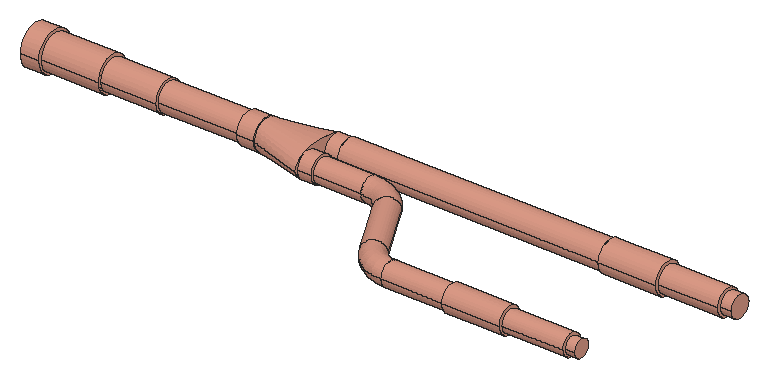
Revit family "outputfile", category 配管付属品, Revit 2024
Family settings
  丸型コネクタ寸法 = 半径を使用
  パーツ タイプ = 標準
  OmniClass 番号 = 23.65.55.00
  OmniClass タイトル = Distribution of Supplied Liquids/Gases
  作業面ベース = いいえ
  常に垂直 = はい
  ロード時にボイドで切り取り = いいえ
  共有 = いいえ
Parameters (values of type "BHRP25A72T")
  Description = ""
  製造元 = "Daikin"
  書き出し IFC クラス(タイプ) = "IfcPipeFittingType"
  定義済み IFC タイプ(タイプ) = "JUNCTION"
  Cost = 0
  Type Comments = ""
  Keynote = ""
  Type Image = (empty or 0)
  Assembly Code = ""
  mm⇔inch [instance] = yes
  Default Elevation = 0.0 mm
  モデル = "BHRP25A72T"
  table_StraightPipe [instance] = if(mm⇔inch, "Refnet Joint_BHRP25A-T_HPLPGas_StraightPipe", "Refnet Joint_BHRP25A-T_HPLPGas_StraightPipe_inch")  # "Refnet Joint_BHRP25A-T_HPLPGas_StraightPipe"
  table_BranchPipe [instance] = if(mm⇔inch, "Refnet Joint_BHRP25A-T_HPLPGas_BranchPipe", "Refnet Joint_BHRP25A-T_HPLPGas_BranchPipe_inch")  # "Refnet Joint_BHRP25A-T_HPLPGas_BranchPipe"
  table_Inlet [instance] = if(mm⇔inch, "Refnet Joint_BHRP25A-T_HPLPGas_Inlet", "Refnet Joint_BHRP25A-T_HPLPGas_Inlet_inch")  # "Refnet Joint_BHRP25A-T_HPLPGas_Inlet"
  switch_StraightPipe_Reducer [instance] = if(Is_StraightPipe Reducer = 1, 1 = 1, 1 = 0)  # no
  switch_StraightPipe3 [instance] = if(number_StraightPipe = 3, 1 = 1, 1 = 0)  # yes
  switch_StraightPipe2 [instance] = if(number_StraightPipe < 2, 1 = 0, 1 = 1)  # yes
  switch_BranchPipe_Reducer [instance] = if(Is_BranchPipe Reducer = 1, 1 = 1, 1 = 0)  # no
  switch_BranchPipe3 [instance] = if(number_BranchPipe = 3, 1 = 1, 1 = 0)  # yes
  switch_BranchPipe2 [instance] = if(number_BranchPipe < 2, 1 = 0, 1 = 1)  # yes
  switch_Inlet pipe_Reducer [instance] = if(Is_Inlet Reducer = 1, 1 = 1, 1 = 0)  # no
  switch_Inlet pipe3 [instance] = if(number_InletPipe = 3, 1 = 1, 1 = 0)  # yes
  switch_Inlet pipe2 [instance] = if(number_InletPipe < 2, 1 = 0, 1 = 1)  # yes
  Uniclass2015Version = "Products v1.31"
  Uniclass2015Title = "Copper pipe fittings"
  Uniclass2015Code = "Pr_65_52_63_18"
  URL = ""
  StraightPipe_HP/LP Gas_ActualDiameter [instance] = 12.7 mm
  Material_Piping = DAIKIN_Copper_Pipe
  Material_Insulation = DAIKIN_White_Insulation
  lw_Insulation [instance] = size_lookup(table_Inlet, "lw_Insulation", 60.0 mm, モデル)  # 66.0 mm
  Unit Type = "BHRP25A-T_HPLPGas"
  Tag No. [instance] = ""
  StraightPipe_HP/LP Gas_Status [instance] = size_lookup(table_StraightPipe, "Information", "The connected pipe size is not available.", モデル, [StraightPipe_HP/LP Gas_ActualDiameter])  # "Default connector size is used."
  Link_Nested Family [instance] = ""
  Inlet_HP/LP Gas_Actual Diameter [instance] = 25.4 mm
  IfcVersion = ""
  IfcExportType = "JUNCTION"
  IfcExportAs = "IfcPipeFittingType"
  BranchPipe_HP/LP Gas_Status [instance] = size_lookup(table_BranchPipe, "Information", "The connected pipe size is not available.", モデル, [BranchPipe_HP/LP Gas_ActualDiameter])  # "Default connector size is used."
  Inlet_HP/LP Gas_Status [instance] = size_lookup(table_Inlet, "Information", "The connected pipe size is not available.", モデル, [Inlet_HP/LP Gas_Actual Diameter])  # "Default connector size is used."
  Series = "Refnet Joint"
  O.R_dividePipe_Inlet [instance] = (I.D_InletPipe1 + 2.0 mm) / 2  # 10.55 mm
  r_StraightPipe_Connector [instance] = [StraightPipe_HP/LP Gas_ActualDiameter] / 2  # 6.35 mm
  r_BranchPipe_Connector [instance] = [BranchPipe_HP/LP Gas_ActualDiameter] / 2  # 4.75 mm
  r_Inlet_Connector [instance] = [Inlet_HP/LP Gas_Actual Diameter] / 2  # 12.7 mm
  number_StraightPipe [instance] = size_lookup(table_StraightPipe, "pipeNumber", 3, モデル, [StraightPipe_HP/LP Gas_ActualDiameter])  # 3
  number_BranchPipe [instance] = size_lookup(table_BranchPipe, "pipeNumber", 2, モデル, [BranchPipe_HP/LP Gas_ActualDiameter])  # 3
  number_InletPipe [instance] = size_lookup(table_Inlet, "pipeNumber", 2, モデル, [Inlet_HP/LP Gas_Actual Diameter])  # 3
  r_BranchPipeR [instance] = size_lookup(table_BranchPipe, "r_offsetPipeR", 20.0 mm, モデル, [BranchPipe_HP/LP Gas_ActualDiameter])  # 25.0 mm
  l_BranchPipe_Straight2 [instance] = size_lookup(table_BranchPipe, "L_offsetPipe2", 40.0 mm, モデル)  # 43.0 mm
  l_BranchPipe_Straight1 [instance] = size_lookup(table_BranchPipe, "L_offsetPipe1", 5.5 mm, モデル)  # 33.7 mm
  l_BranchPipe connector [instance] = size_lookup(table_BranchPipe, "Length", 165.0 mm, モデル, [BranchPipe_HP/LP Gas_ActualDiameter])  # 244.0 mm
  l_inlet connector [instance] = size_lookup(table_Inlet, "Length", 97.0 mm, モデル, [Inlet_HP/LP Gas_Actual Diameter])  # 160.0 mm
  l_dividePipe [instance] = size_lookup(table_Inlet, "L_devidePipe", 38.0 mm, モデル)  # 38.0 mm
  l_StraightPipeReducer [instance] = size_lookup(table_StraightPipe, "L_Reducer", 100.0 mm, モデル, [StraightPipe_HP/LP Gas_ActualDiameter])  # 100.0 mm
  l_StraightPipe3 [instance] = size_lookup(table_StraightPipe, "L_Pipe3", 8.0 mm, モデル)  # 8.0 mm
  l_StraightPipe2 [instance] = size_lookup(table_StraightPipe, "L_Pipe2", 42.0 mm, モデル)  # 42.0 mm
  l_StraightPipe1 [instance] = size_lookup(table_StraightPipe, "L_Pipe1", 40.0 mm, モデル)  # 40.0 mm
  l_StraightPipe0 [instance] = size_lookup(table_StraightPipe, "L_Pipe0", 105.0 mm, モデル)  # 182.0 mm
  l_StraightPipe connector [instance] = size_lookup(table_StraightPipe, "Length", 205.0 mm, モデル, [StraightPipe_HP/LP Gas_ActualDiameter])  # 282.0 mm
  l_BranchPipe Reducer [instance] = size_lookup(table_BranchPipe, "L_Reducer", 80.0 mm, モデル, [BranchPipe_HP/LP Gas_ActualDiameter])  # 80.0 mm
  l_BranchPipe3 [instance] = size_lookup(table_BranchPipe, "L_Pipe3", 2.0 mm, モデル)  # 7.0 mm
  l_BranchPipe2 [instance] = size_lookup(table_BranchPipe, "L_Pipe2", 7.0 mm, モデル)  # 43.0 mm
  l_BranchPipe1 [instance] = size_lookup(table_BranchPipe, "L_Pipe1", 43.0 mm, モデル)  # 40.0 mm
  l_BranchPipe0 [instance] = size_lookup(table_BranchPipe, "L_Pipe0", 105.0 mm, モデル)  # 144.0 mm
  l_InletReducer [instance] = size_lookup(table_Inlet, "L_Reducer", 60.0 mm, モデル, [Inlet_HP/LP Gas_Actual Diameter])  # 100.0 mm
  l_InletPipe3 [instance] = size_lookup(table_Inlet, "L_Pipe3", 2.0 mm, モデル)  # 13.0 mm
  l_InletPipe2 [instance] = size_lookup(table_Inlet, "L_Pipe2", 8.0 mm, モデル)  # 40.0 mm
  l_InletPipe1 [instance] = size_lookup(table_Inlet, "L_Pipe1", 42.0 mm, モデル)  # 39.0 mm
  l_InletPipe0 [instance] = size_lookup(table_Inlet, "L_Pipe0", 35.0 mm, モデル)  # 56.0 mm
  center_StraightPipe [instance] = size_lookup(table_StraightPipe, "center_Pipe", 8.5 mm, モデル)  # 11.7 mm
  center_BranchPipe2 [instance] = size_lookup(table_BranchPipe, "center_OffsetPipe", 71.5 mm, モデル)  # 78.3 mm
  center_BranchPipe1 [instance] = size_lookup(table_BranchPipe, "center_Pipe", 8.5 mm, モデル)  # 11.7 mm
  StraightPipe_HP/LP Gas_AvailableDiameter [instance] = size_lookup(table_StraightPipe, "sizeVariation", "", モデル)  # "12.7/15.9/19.1/22.2/28.6mm"
  BranchPipe_HP/LP Gas_AvailableDiameter [instance] = size_lookup(table_BranchPipe, "sizeVariation", "", モデル)  # "9.5/12.7/15.9/19.1mm"
  Inlet_HP/LP Gas_Available Diameter [instance] = size_lookup(table_Inlet, "sizeVariation", "", モデル)  # "19.1/22.2/25.4/28.6mm"
  O.D_StraightPipe Reducer [instance] = size_lookup(table_StraightPipe, "O.D_reducer", 2 mm, モデル, [StraightPipe_HP/LP Gas_ActualDiameter])  # 2 mm
  O.D_Offset Outlet Reducer [instance] = size_lookup(table_BranchPipe, "O.D_reducer", 2 mm, モデル, [BranchPipe_HP/LP Gas_ActualDiameter])  # 2 mm
  O.D_Inlet Reducer [instance] = size_lookup(table_Inlet, "O.D_reducer", 2 mm, モデル, [Inlet_HP/LP Gas_Actual Diameter])  # 2 mm
  Is_StraightPipe Reducer [instance] = size_lookup(table_StraightPipe, "IsReducer", 0, モデル, [StraightPipe_HP/LP Gas_ActualDiameter])  # 0
  Is_BranchPipe Reducer [instance] = size_lookup(table_BranchPipe, "IsReducer", 0, モデル, [BranchPipe_HP/LP Gas_ActualDiameter])  # 0
  Is_Inlet Reducer [instance] = size_lookup(table_Inlet, "IsReducer", 0, モデル, [Inlet_HP/LP Gas_Actual Diameter])  # 0
  BranchPipe_HP/LP Gas_ActualDiameter [instance] = 9.5 mm
  Attach_Insulation [instance] = no
  I.D_StraightPipe3 [instance] = size_lookup(table_StraightPipe, "I.D_PipeSize3", 9.5 mm, モデル)  # 12.7 mm
  I.D_StraightPipe2 [instance] = size_lookup(table_StraightPipe, "I.D_PipeSize2", 12.7 mm, モデル)  # 15.9 mm
  I.D_StraightPipe1 [instance] = size_lookup(table_StraightPipe, "I.D_PipeSize1", 15.9 mm, モデル)  # 19.1 mm
  I.D_StraightPipe0 [instance] = size_lookup(table_StraightPipe, "I.D_PipeSize0", 13.9 mm, モデル)  # 17.1 mm
  I.D_BranchPipe3 [instance] = size_lookup(table_BranchPipe, "I.D_PipeSize3", 2 mm, モデル)  # 9.5 mm
  I.D_BranchPipe2 [instance] = size_lookup(table_BranchPipe, "I.D_PipeSize2", 9.5 mm, モデル)  # 12.7 mm
  I.D_BranchPipe1 [instance] = size_lookup(table_BranchPipe, "I.D_PipeSize1", 12.7 mm, モデル)  # 15.9 mm
  I.D_BranchPipe0 [instance] = size_lookup(table_BranchPipe, "I.D_PipeSize0", 10.7 mm, モデル)  # 13.9 mm
  I.D_Straight Reducer [instance] = size_lookup(table_StraightPipe, "I.D_reducer", 2 mm, モデル, [StraightPipe_HP/LP Gas_ActualDiameter])  # 2 mm
  I.D_OutletPipe [instance] = size_lookup(table_Inlet, "I.D_OutletPipeSize", 13.3 mm, モデル, [Inlet_HP/LP Gas_Actual Diameter])  # 16.0 mm
  I.D_Branch Reducer [instance] = size_lookup(table_BranchPipe, "I.D_reducer", 2 mm, モデル, [BranchPipe_HP/LP Gas_ActualDiameter])  # 2 mm
  I.D_Inlet Reducer [instance] = size_lookup(table_Inlet, "I.D_reducer", 2 mm, モデル, [Inlet_HP/LP Gas_Actual Diameter])  # 2 mm
  I.D_InletPipe3 [instance] = size_lookup(table_Inlet, "I.D_PipeSize3", 2 mm, モデル)  # 25.4 mm
  I.D_InletPipe2 [instance] = size_lookup(table_Inlet, "I.D_PipeSize2", 12.7 mm, モデル)  # 22.2 mm
  I.D_InletPipe1 [instance] = size_lookup(table_Inlet, "I.D_PipeSize1", 15.9 mm, モデル)  # 19.1 mm
  I.D_InletPipe0 [instance] = size_lookup(table_Inlet, "I.D_PipeSize0", 13.9 mm, モデル)  # 17.1 mm
Reference planes
  plane 1 "Center (Front/Back)": y = 0
  plane 2: z = 0
  plane 3 "base_left": x = 0
  plane 4: x = 13
  plane 5: x = 53
  plane 6: x = 92
  plane 7: x = 148
  plane 8: x = 160
  plane 9: x = 198
  plane 10: x = 208
  plane 11 "center_straight outlet": y = 11.7
  plane 12 "center2_offset outlet": y = -78.3
  plane 13 "center1_offset outlet": y = -11.7
  plane 14: x = 390
  plane 15: x = 430
  plane 16: x = 472
  plane 17: x = 352
  plane 18: x = 392
  plane 19: x = 435
  plane 20: x = 480
  plane 21: x = 442
  plane 22 "Reducer_straightoutlet": x = 442
  plane 23: x = 480
  plane 24: y = -22.25
  plane 25: z = 10.55
  plane 26 "Inlet_connector": x = 0
  plane 27 "Left_Insulation": x = 94
Forms (mm)
  SweptBlend 1, solid, material "DAIKIN_Copper_Pipe" <- "Material_Piping"
    path origin (0, 0, 0) x (1, 0, 0) y (0, 1, 0)
      loop
        line (160, 0) -> (198, 0)
    profile origin (160, 0, 0) x (0, 1, 0) y (0, 0, 1)
      loop
        circle (0, 0) r 10.55
    end profile origin (198, 0, 0) x (0, 1, 0) y (0, 0, 1)
      loop
        spline (-22.25, 0) -> (-21.492, -2.731) -> (-19.269, -5.275) -> (-15.733, -7.46) -> (-11.125, -9.137) -> (-5.759, -10.191) -> (0, -10.55) -> (5.759, -10.191) -> (11.125, -9.137) -> (15.733, -7.46) -> (19.269, -5.275) -> (21.492, -2.731) -> (22.25, 0)
        spline (22.25, 0) -> (21.492, 2.731) -> (19.269, 5.275) -> (15.733, 7.46) -> (11.125, 9.137) -> (5.759, 10.191) -> (0, 10.55) -> (-5.759, 10.191) -> (-11.125, 9.137) -> (-15.733, 7.46) -> (-19.269, 5.275) -> (-21.492, 2.731) -> (-22.25, 0)
Dimensions and locks
  "l_InletPipe3": plane 3 "base_left" to plane 4
  "l_InletPipe2": plane 4 to plane 5
  "l_InletPipe1": plane 5 to plane 6
  "l_InletPipe0": plane 6 to plane 7
  locked: plane 7 to plane 8 at 12
  "center_StraightPipe": plane 1 "Center (Front/Back)" to plane 11 "center_straight outlet"
  "center_BranchPipe2": plane 12 "center2_offset outlet" to plane 1 "Center (Front/Back)"
  "center_BranchPipe1": plane 13 "center1_offset outlet" to plane 1 "Center (Front/Back)"
  "l_dividePipe": plane 8 to plane 9
  plane 9 to plane 10 = 10.0 mm
  "l_StraightPipe0": plane 10 to plane 14
  "l_BranchPipe0": plane 10 to plane 17
  "l_BranchPipe1": plane 17 to plane 18
  "l_BranchPipe2": plane 18 to plane 19
  "l_StraightPipe1": plane 14 to plane 15
  "l_StraightPipe2": plane 15 to plane 16
  "l_StraightPipe3": plane 16 to plane 20
  "l_BranchPipe3": plane 19 to plane 21
  "l_BranchPipe connector": plane 9 to plane 22 "Reducer_straightoutlet"
  "l_StraightPipe connector": plane 9 to plane 23
  "O.R_dividePipe_Inlet": plane 24 to plane 13 "center1_offset outlet"
  "O.R_dividePipe_Inlet": plane 25 to plane 2
  "l_inlet connector": plane 26 "Inlet_connector" to plane 8
  "lw_Insulation": plane 27 "Left_Insulation" to plane 8
  "O.R_dividePipe_Inlet": radius of SweptBlend 1 sketch curve
  aligned and locked: level to plane 2
  aligned and locked: plane 2 to nested 1
  aligned and locked: plane 3 "base_left" to nested 1
  aligned and locked: plane 1 "Center (Front/Back)" to nested 1
  aligned and locked: plane 4 to nested 2
  aligned and locked: plane 1 "Center (Front/Back)" to nested 2
  aligned and locked: plane 5 to nested 2
  aligned and locked: plane 5 to nested 3
  aligned and locked: plane 6 to nested 3
  aligned and locked: plane 6 to nested 4
  aligned and locked: nested 4 to plane 7
  aligned and locked: nested 5 to plane 7
  aligned and locked: nested 5 to plane 8
  aligned and locked: plane 8 to SweptBlend 1 sketch curve
  aligned and locked: plane 9 to SweptBlend 1 sketch curve
  aligned and locked: plane 2 to SweptBlend 1 sketch curve  (x2)
  aligned and locked: plane 1 "Center (Front/Back)" to SweptBlend 1 sketch curve  (x2)
  aligned and locked: nested 6 to plane 9
  aligned and locked: nested 7 to plane 9
  aligned and locked: nested 6 to plane 11 "center_straight outlet"
  aligned and locked: nested 7 to plane 13 "center1_offset outlet"
  aligned and locked: nested 7 to plane 10
  aligned and locked: nested 6 to plane 10
  aligned and locked: nested 8 to plane 10
  aligned and locked: plane 14 to nested 8
  aligned and locked: nested 8 to plane 11 "center_straight outlet"
  aligned and locked: plane 14 to nested 9
  aligned and locked: nested 9 to plane 11 "center_straight outlet"
  aligned and locked: plane 15 to nested 9
  aligned and locked: nested 10 to plane 11 "center_straight outlet"
  aligned and locked: plane 15 to nested 10
  aligned and locked: plane 16 to nested 10
  aligned and locked: nested 11 to plane 12 "center2_offset outlet"
  aligned and locked: plane 17 to nested 11
  aligned and locked: plane 18 to nested 11
  aligned and locked: nested 12 to plane 12 "center2_offset outlet"
  aligned and locked: plane 18 to nested 12
  aligned and locked: plane 19 to nested 12
  aligned and locked: nested 13 to plane 10
  aligned and locked: nested 13 to plane 13 "center1_offset outlet"
  aligned and locked: nested 13 to plane 12 "center2_offset outlet"
  aligned and locked: plane 8 to nested 14
  aligned and locked: plane 1 "Center (Front/Back)" to nested 14
  aligned and locked: plane 11 "center_straight outlet" to nested 15
  aligned and locked: nested 15 to plane 9
  aligned and locked: nested 16 to plane 9
  aligned and locked: plane 12 "center2_offset outlet" to nested 16
  aligned and locked: nested 17 to plane 1 "Center (Front/Back)"
  aligned and locked: plane 16 to nested 18
  aligned and locked: plane 20 to nested 18
  aligned and locked: plane 19 to nested 19
  aligned and locked: plane 21 to nested 19
  aligned and locked: nested 20 to plane 12 "center2_offset outlet"
  aligned and locked: plane 23 to nested 21
  aligned and locked: nested 21 to plane 11 "center_straight outlet"
  aligned and locked: plane 4 to nested 1
  aligned and locked: plane 24 to SweptBlend 1 sketch curve
  aligned and locked: plane 25 to SweptBlend 1 sketch curve
  aligned and locked: nested 19 to plane 12 "center2_offset outlet"
  aligned and locked: nested 18 to plane 11 "center_straight outlet"
  aligned and locked: nested 17 to plane 26 "Inlet_connector"
  aligned and locked: plane 22 "Reducer_straightoutlet" to nested 20
  aligned and locked: nested 22 to plane 27 "Left_Insulation"
  aligned and locked: plane 1 "Center (Front/Back)" to nested 22
Automatic sketch dimensions
  plane 1 "Center (Front/Back)" to SweptBlend 1 sketch curve = 0.0 mm
Nested families
  nested 1: "daikin_Pipe" at (6.5, 0, 0), I.D_Pipe <- "I.D_InletPipe3", display <- "switch_Inlet pipe3", type "*"
    with length_Pipe 13.0 mm, display yes, O.D_Pipe 27.4 mm, I.D_Pipe 25.4 mm
  nested 2: "daikin_Pipe" at (33, 0, 0), I.D_Pipe <- "I.D_InletPipe2", display <- "switch_Inlet pipe2", type "*"
    with length_Pipe 40.0 mm, display yes, O.D_Pipe 24.2 mm, I.D_Pipe 22.2 mm
  nested 3: "daikin_Pipe" at (72.5, 0, 0), I.D_Pipe <- "I.D_InletPipe1", type "*"
    with length_Pipe 39.0 mm, display yes, O.D_Pipe 21.1 mm, I.D_Pipe 19.1 mm
  nested 4: "daikin_Pipe" at (120, 0, 0), I.D_Pipe <- "I.D_InletPipe0", type "*"
    with length_Pipe 56.0 mm, display yes, O.D_Pipe 19.1 mm, I.D_Pipe 17.1 mm
  nested 5: "daikin_Pipe" at (154, 0, 0), I.D_Pipe <- "I.D_InletPipe1", type "*"
    with length_Pipe 12.0 mm, display yes, O.D_Pipe 21.1 mm, I.D_Pipe 19.1 mm
  nested 6: "daikin_Pipe" at (203, 11.7, 0), I.D_Pipe <- "I.D_OutletPipe", type "*"
    with length_Pipe 10.0 mm, display yes, O.D_Pipe 18.0 mm, I.D_Pipe 16.0 mm
  nested 7: "daikin_Pipe" at (203, -11.7, 0), I.D_Pipe <- "I.D_OutletPipe", type "*"
    with length_Pipe 10.0 mm, display yes, O.D_Pipe 18.0 mm, I.D_Pipe 16.0 mm
  nested 8: "daikin_Pipe" at (299, 11.7, 0), I.D_Pipe <- "I.D_StraightPipe0", type "*"
    with length_Pipe 182.0 mm, display yes, O.D_Pipe 19.1 mm, I.D_Pipe 17.1 mm
  nested 9: "daikin_Pipe" at (410, 11.7, 0), I.D_Pipe <- "I.D_StraightPipe1", type "*"
    with length_Pipe 40.0 mm, display yes, O.D_Pipe 21.1 mm, I.D_Pipe 19.1 mm
  nested 10: "daikin_Pipe" at (451, 11.7, 0), I.D_Pipe <- "I.D_StraightPipe2", display <- "switch_StraightPipe2", type "*"
    with length_Pipe 42.0 mm, display yes, O.D_Pipe 17.9 mm, I.D_Pipe 15.9 mm
  nested 11: "daikin_Pipe" at (372, -78.3, 0), I.D_Pipe <- "I.D_BranchPipe1", type "*"
    with length_Pipe 40.0 mm, display yes, O.D_Pipe 17.9 mm, I.D_Pipe 15.9 mm
  nested 12: "daikin_Pipe" at (413.5, -78.3, 0), I.D_Pipe <- "I.D_BranchPipe2", display <- "switch_BranchPipe2", type "*"
    with length_Pipe 43.0 mm, display yes, O.D_Pipe 14.7 mm, I.D_Pipe 12.7 mm
  nested 13: "daikin_Pipe Ofsset" at (208, -11.7, 0), I.D_Pipe size <- "I.D_BranchPipe0", length_straight pipe1 <- "l_BranchPipe_Straight1", length_straight pipe2 <- "l_BranchPipe_Straight2", r_Pipe R <- "r_BranchPipeR", length_Pipe <- "l_BranchPipe0", type "*"
    with r_Pipe R 25.0 mm, length_straight pipe2 43.0 mm, length_straight pipe1 33.7 mm, length_offset center 66.6 mm, length_Pipe 144.0 mm, O.D_Pipe size 15.9 mm, I.D_Pipe size 13.9 mm
  nested 14: "daikin_connector_rotate2" at (160, 0, 0) x (0, -1, 0) z (0, 0, 1), length <- "l_inlet connector", type "daikin_connector_rotate2"
    with radius 5.0 mm, length 160.0 mm, angle_vertical 90.00°, locaton_mark no
  nested 15: "daikin_connector_rotate2" at (198, 11.7, 0) x (0, 1, 0) z (0, 0, 1), length <- "l_StraightPipe connector", type "daikin_connector_rotate2"
    with radius 5.0 mm, length 282.0 mm, angle_vertical 90.00°, locaton_mark no
  nested 16: "daikin_connector_rotate2" at (198, -78.3, 0) x (0, 1, 0) z (0, 0, 1), length <- "l_BranchPipe connector", type "daikin_connector_rotate2"
    with radius 5.0 mm, length 244.0 mm, angle_vertical 90.00°, locaton_mark no
  nested 17: "daikin_Pipe_reducer" at (50, 0, 0) x (-1, 0, 0) z (0, 0, 1), display <- "switch_Inlet pipe_Reducer", length_Pipe <- "l_InletReducer", I.D_Pipe1 <- "I.D_Inlet Reducer", O.D_Pipe2 <- "O.D_Inlet Reducer", type "*"
    with length_Pipe 100.0 mm, display no, O.D_Pipe2 2.0 mm, O.D_Pipe1 4.0 mm, I.D_Pipe2 0.0 mm, I.D_Pipe1 2.0 mm
  nested 18: "daikin_Pipe" at (476, 11.7, 0), I.D_Pipe <- "I.D_StraightPipe3", display <- "switch_StraightPipe3", type "*"
    with length_Pipe 8.0 mm, display yes, O.D_Pipe 14.7 mm, I.D_Pipe 12.7 mm
  nested 19: "daikin_Pipe" at (438.5, -78.3, 0), I.D_Pipe <- "I.D_BranchPipe3", display <- "switch_BranchPipe3", type "*"
    with length_Pipe 7.0 mm, display yes, O.D_Pipe 11.5 mm, I.D_Pipe 9.5 mm
  nested 20: "daikin_Pipe_reducer" at (402, -78.3, 0), I.D_Pipe1 <- "I.D_Branch Reducer", O.D_Pipe2 <- "O.D_Offset Outlet Reducer", length_Pipe <- "l_BranchPipe Reducer", display <- "switch_BranchPipe_Reducer", type "*"
    with length_Pipe 80.0 mm, display no, O.D_Pipe2 2.0 mm, O.D_Pipe1 4.0 mm, I.D_Pipe2 0.0 mm, I.D_Pipe1 2.0 mm
  nested 21: "daikin_Pipe_reducer" at (430, 11.7, 0), I.D_Pipe1 <- "I.D_Straight Reducer", O.D_Pipe2 <- "O.D_StraightPipe Reducer", length_Pipe <- "l_StraightPipeReducer", display <- "switch_StraightPipe_Reducer", type "*"
    with length_Pipe 100.0 mm, display no, O.D_Pipe2 2.0 mm, O.D_Pipe1 4.0 mm, I.D_Pipe2 0.0 mm, I.D_Pipe1 2.0 mm
  nested 22: "daikin_Insulation_RefnetJoint" at (94, 0, 0), I.D_Outlet PipeSize <- "I.D_OutletPipe", type "*"
    with h 48.0 mm, I.D_Outlet PipeSize 16.0 mm, r_Insulation 18.4 mm, h_Insulation 229.4 mm, d_Insulation3_3 74.9 mm, d_Insulation1_1 26.5 mm, w_Insulation5 238.0 mm, w_Insulation4 59.7 mm, w_Insulation3 48.7 mm, w_Insulation2 93.9 mm, w_Insulation1 33.0 mm, d_Insulation3 68.4 mm, d_Insulation1 26.5 mm
Connectors
  piping at (0, 0, 0), diameter 25.4, driven by "r_Inlet_Connector"
    settings: on nested 14, index 1, connector inside diameter 609.6 mm, connector length 0.0 mm, flow factor 0, pipe flow 0.00 m³/h, pressure drop 0.0 Pa, fitting loss kfactor 0, connector angle 0.00°, fixture units 0, engagement length 0.0 mm, angle of deflection 0.00°, flow configuration 0, flow direction 0, fitting loss method 0, system type 29, joint type 0, gender type 0, connector reference index -1, connector utility 0, adjustable connector no, is connector primary yes, connector description "Refnet Joint_Inlet_HP/LP Gas"
  piping at (442, -78.3, 0), diameter 9.5, driven by "r_BranchPipe_Connector"
    settings: on nested 16, index 2, connector inside diameter 609.6 mm, connector length 0.0 mm, flow factor 0, pipe flow 0.00 m³/h, pressure drop 0.0 Pa, fitting loss kfactor 0, connector angle 0.00°, fixture units 0, engagement length 0.0 mm, angle of deflection 0.00°, flow configuration 0, flow direction 0, fitting loss method 0, system type 29, joint type 0, gender type 0, connector reference index -1, connector utility 0, adjustable connector no, is connector primary no, connector description "Refnet Joint_Outlet Branch_HP/LP Gas"
  piping at (480, 11.7, 0), diameter 12.7, driven by "r_StraightPipe_Connector"
    settings: on nested 15, index 3, connector inside diameter 609.6 mm, connector length 0.0 mm, flow factor 0, pipe flow 0.00 m³/h, pressure drop 0.0 Pa, fitting loss kfactor 0, connector angle 0.00°, fixture units 0, engagement length 0.0 mm, angle of deflection 0.00°, flow configuration 0, flow direction 0, fitting loss method 0, system type 29, joint type 0, gender type 0, connector reference index -1, connector utility 0, adjustable connector no, is connector primary no, connector description "Refnet Joint_Outlet Straight_HP/LP Gas"
Definition of nested family "daikin_Pipe"
  Parameters (values of type "*")
    Default Elevation = 0.0 mm
    material = none
    length_Pipe [instance] = 150.0 mm
    display [instance] = yes
    O.D_Pipe [instance] = I.D_Pipe + 2.0 mm  # 27.0 mm
    I.D_Pipe [instance] = 25.0 mm
  Reference planes
    plane 1 "Center (Front/Back)": y = 0
    plane 2 "center(vertical)": z = 0
    plane 3 "Center (Left/Right)": x = 0
    plane 4 "left": x = -75
    plane 5 "right": x = 75
  Forms (mm)
    Extrusion 1, solid, material <- "material", visible <- "display"
      sketch origin (0, 0, 0) x (0, 1, 0) y (0, 0, 1)
        loop
          circle (0, 0) r 13.5
      from -75 to 75
  Dimensions and locks
    equal spacing: plane 4 "left", plane 3 "Center (Left/Right)", plane 5 "right"
    "length_Pipe": plane 4 "left" to plane 5 "right"
    "O.D_Pipe": diameter of Extrusion 1 sketch curve
    aligned and locked: level to plane 2 "center(vertical)"
    aligned and locked: plane 2 "center(vertical)" to Extrusion 1 sketch curve
    aligned and locked: plane 1 "Center (Front/Back)" to Extrusion 1 sketch curve
    aligned and locked: plane 5 "right" to Extrusion 1
    aligned and locked: Extrusion 1 to plane 4 "left"
Definition of nested family "daikin_Pipe Ofsset"
  Parameters (values of type "*")
    Default Elevation = 0.0 mm
    r_Pipe R [instance] = 40.0 mm
    material = none
    length_straight pipe2 [instance] = 43.0 mm
    length_straight pipe1 [instance] = 5.0 mm
    length_offset center [instance] = 57.0 mm
    length_Pipe [instance] = 110.0 mm
    O.D_Pipe size [instance] = I.D_Pipe size + 2 mm  # 12 mm
    I.D_Pipe size [instance] = 10 mm
  Reference planes
    plane 1 "Center (Front/Back)": y = 0
    plane 2: z = 0
    plane 3 "Center (Left/Right)": x = 0
    plane 4: y = -57
    plane 5: x = 110
    plane 6: x = 67
    plane 7: x = 5
  Forms (mm)
    Sweep 1, solid, material <- "material"
      path origin (0, 0, 0) x (1, 0, 0) y (0, 1, 0)
        loop
          line (0, 0) -> (5, 0)
          arc (5, 0) -> (20.74, -3.227) -> (33.94, -12.387) r 40
          line (33.94, -12.387) -> (38.06, -44.613)
          arc (38.06, -44.613) -> (51.26, -53.773) -> (67, -57) r 40
          line (67, -57) -> (110, -57)
      profile origin (2.5, 0, 0) x (0, 1, 0) y (0, 0, 1)
        loop
          circle (0, 0) r 6
  Dimensions and locks
    "length_offset center": plane 4 to plane 1 "Center (Front/Back)"
    "length_straight pipe1": plane 3 "Center (Left/Right)" to plane 7
    "length_Pipe": plane 3 "Center (Left/Right)" to plane 5
    "length_straight pipe2": plane 6 to plane 5
    "O.D_Pipe size": diameter of Sweep 1 sketch curve
    "r_Pipe R": radius of Sweep 1 sketch curve  (x2)
    aligned and locked: level to plane 2
    aligned and locked: plane 1 "Center (Front/Back)" to Sweep 1 sketch curve
    aligned and locked: profile plane to Sweep 1 sketch curve
    aligned and locked: plane 5 to Sweep 1 sketch curve
    aligned and locked: plane 7 to Sweep 1 sketch curve
    aligned and locked: plane 6 to Sweep 1 sketch curve
  Automatic sketch dimensions
    plane 1 "Center (Front/Back)" to Sweep 1 sketch curve = 0.0 mm
    Sweep 1 sketch curve to plane 3 "Center (Left/Right)" = 0.0 mm
    plane 4 to Sweep 1 sketch curve = 0.0 mm
    plane 1 "Center (Front/Back)" to Sweep 1 sketch curve = 12.387 mm
    Sweep 1 sketch curve to plane 4 = 12.387 mm
Definition of nested family "daikin_connector_rotate2"
  Parameters (values of type "daikin_connector_rotate2")
    show_face = no
    radius [instance] = 10.0 mm
    locaton_mark = yes
    length [instance] = 600.0 mm
    d_surface = 10.0 mm
    angle_vertical [instance] = 90.00°
    Default Elevation = 0.0 mm
  Reference planes
    plane 1 "Center (Front/Back)": y = 0
    plane 2: z = 0
    plane 3 "Center (Left/Right)": x = 0
  Forms (mm)
    Extrusion 1, solid, visible <- "show_face"
      sketch origin (0, -600, 0) x (1, 0, 0) y (0, 0, 1)
        loop
          circle (0, 0) r 10
      from 0 to -10
  Lines and regions (mm)
    reference lines
      curve 1: line (0, 0, 0) -> (0, -600, 0)
    symbolic lines, visible <- "locaton_mark"
      curve 2: circle (0, 0, 0) r 5 normal (0, 0, 1)
    model lines, visible <- "show_face"
      curve 3: line (0, 0, 0) -> (0, -600, 0)
  Dimensions and locks
    "length": curve 1 to curve 1
    "length": curve 3 to curve 3
    "d_surface": Extrusion 1 to Extrusion 1
    "radius": radius of Extrusion 1 sketch curve
    "angle_vertical": angle curve 1 to plane 1 "Center (Front/Back)"
    "angle_vertical": angle curve 3 to plane 1 "Center (Front/Back)"
    aligned and locked: level to plane 2
    aligned and locked: plane 1 "Center (Front/Back)" to curve 1
    aligned and locked: plane 2 to curve 1
    aligned and locked: plane 1 "Center (Front/Back)" to curve 2
    aligned and locked: plane 3 "Center (Left/Right)" to curve 2
    aligned and locked: plane 1 "Center (Front/Back)" to curve 3
    aligned and locked: plane 2 to curve 3
    aligned and locked: Extrusion 1 to Extrusion 1
  Automatic sketch dimensions
    Extrusion 1 sketch curve to level = 0.0 mm
    Extrusion 1 sketch curve to plane 3 "Center (Left/Right)" = 0.0 mm
    radius of curve 2 = 5.0 mm
Definition of nested family "daikin_Pipe_reducer"
  Parameters (values of type "*")
    Default Elevation = 0.0 mm
    material = none
    length_Pipe [instance] = 250.0 mm
    display [instance] = yes
    O.D_Pipe2 [instance] = 19.1 mm
    O.D_Pipe1 [instance] = I.D_Pipe1 + 2.0 mm  # 24.2 mm
    I.D_Pipe2 [instance] = O.D_Pipe2 - 2.0 mm  # 17.1 mm
    I.D_Pipe1 [instance] = 22.2 mm
  Reference planes
    plane 1 "Center (Front/Back)": y = 0
    plane 2 "center(vertical)": z = 0
    plane 3 "Center (Left/Right)": x = 0
    plane 4 "connection": x = -125
    plane 5 "right": x = 113
    plane 6: x = 125
  Forms (mm)
    Extrusion 1, solid, material <- "material", visible <- "display"
      sketch origin (0, 0, 0) x (0, 1, 0) y (0, 0, 1)
        loop
          circle (0, 0) r 9.55
      from -125 to 113
    Extrusion 2, solid, material <- "material", visible <- "display"
      sketch origin (0, 0, 0) x (0, 1, 0) y (0, 0, 1)
        loop
          circle (0, 0) r 12.1
      from 113 to 125
  Dimensions and locks
    locked: plane 5 "right" to plane 6 at 12
    "length_Pipe": plane 4 "connection" to plane 6
    equal spacing: plane 4 "connection", plane 3 "Center (Left/Right)", plane 6
    "O.D_Pipe2": diameter of Extrusion 1 sketch curve
    "O.D_Pipe1": diameter of Extrusion 2 sketch curve
    aligned and locked: level to plane 2 "center(vertical)"
    aligned and locked: plane 2 "center(vertical)" to Extrusion 1 sketch curve
    aligned and locked: plane 1 "Center (Front/Back)" to Extrusion 1 sketch curve
    aligned and locked: plane 5 "right" to Extrusion 1
    aligned and locked: Extrusion 1 to plane 4 "connection"
    aligned and locked: plane 2 "center(vertical)" to Extrusion 2 sketch curve
    aligned and locked: plane 1 "Center (Front/Back)" to Extrusion 2 sketch curve
    aligned and locked: Extrusion 2 to plane 5 "right"
    aligned and locked: plane 6 to Extrusion 2
Definition of nested family "daikin_Insulation_RefnetJoint"
  Parameters (values of type "*")
    r_Insulation = size_lookup(table_Insulation, "r_Insulation", 13.5 mm, Model)  # 13.5 mm
    h_Insulation = size_lookup(table_Insulation, "h_Insulation", 202.5 mm, Model)  # 202.5 mm
    d_Insulation3_3 = size_lookup(table_Insulation, "d_Insulation3_3", 68.0 mm, Model)  # 68.0 mm
    d_Insulation2_2 = size_lookup(table_Insulation, "d_Insulation2_2", 39.5 mm, Model)  # 39.5 mm
    d_Insulation1_1 = size_lookup(table_Insulation, "d_Insulation1_1", 28.0 mm, Model)  # 28.0 mm
    Default Elevation = 0.0 mm
    Model = "BHRP25A22T"
    w_Insulation5 = size_lookup(table_Insulation, "w_Insulation5", 212.0 mm, Model)  # 212.0 mm
    w_Insulation4 = size_lookup(table_Insulation, "w_Insulation4", 67.0 mm, Model)  # 67.0 mm
    w_Insulation3 = size_lookup(table_Insulation, "w_Insulation3", 34.7 mm, Model)  # 34.7 mm
    w_Insulation2 = size_lookup(table_Insulation, "w_Insulation2", 80.0 mm, Model)  # 80.0 mm
    w_Insulation1 = size_lookup(table_Insulation, "w_Insulation1", 22.0 mm, Model)  # 22.0 mm
    table_Insulation = "Refnet Joint_BHRP25A-T_HPLPGas_Insulation"  # constant formula
    material = none
    h [instance] = (I.D_Outlet PipeSize + 2.0 mm) + 30.0 mm  # 47.0 mm
    display = no
    d_Insulation3 = size_lookup(table_Insulation, "d_Insulation3", 63.5 mm, Model)  # 63.5 mm
    d_Insulation2 = size_lookup(table_Insulation, "d_Insulation2", 39.5 mm, Model)  # 39.5 mm
    d_Insulation1 = size_lookup(table_Insulation, "d_Insulation1", 28.0 mm, Model)  # 28.0 mm
    I.D_Outlet PipeSize [instance] = 15.0 mm
  Reference planes
    plane 1 "Center (Front/Back)": y = 0
    plane 2: z = 0
    plane 3 "Left": x = 0
    plane 4 "top": z = 23.5
    plane 5 "bottom": z = -23.5
    plane 6: x = 22
    plane 7: x = 80
    plane 8: y = 28
    plane 9: y = -28
    plane 10: y = 39.5
    plane 11: y = -39.5
    plane 12: y = -92
    plane 13: x = 212
    plane 14: y = -28.5
    plane 15: x = 114.7
    plane 16: x = 145
    plane 17: x = 202.5
  Forms (mm)
    Extrusion 1, solid, material <- "material", visible <- "display"
      sketch origin (0, 0, 0) x (1, 0, 0) y (0, 1, 0)
        loop
          line (22, 28) -> (0, 28) -> (0, -28) -> (22, -28) -> (80, -39.5) -> (114.7, -39.5) -> (145, -92) -> (212, -92) -> (212, -42) -> (202.5, -42)
          arc (202.5, -42) -> (189, -28.5) -> (202.5, -15) r 13.5
          line (202.5, -15) -> (212, -15) -> (212, 39.5) -> (80, 39.5) -> (22, 28)
      from -23.5 to 23.5
  Dimensions and locks
    equal spacing: plane 4 "top", plane 2, plane 5 "bottom"
    "h": plane 4 "top" to plane 5 "bottom"
    "w_Insulation1": plane 3 "Left" to plane 6
    "w_Insulation2": plane 3 "Left" to plane 7
    "w_Insulation5": plane 3 "Left" to plane 13
    "w_Insulation3": plane 7 to plane 15
    "w_Insulation4": plane 16 to plane 13
    "d_Insulation1": plane 1 "Center (Front/Back)" to plane 9
    "d_Insulation1_1": plane 8 to plane 1 "Center (Front/Back)"
    "d_Insulation2": plane 1 "Center (Front/Back)" to plane 11
    "d_Insulation2_2": plane 10 to plane 1 "Center (Front/Back)"
    "d_Insulation3_3": plane 10 to plane 14
    "d_Insulation3": plane 14 to plane 12
    "r_Insulation": Extrusion 1 sketch curve to plane 14
    "r_Insulation": plane 14 to Extrusion 1 sketch curve
    "h_Insulation": plane 3 "Left" to plane 17
    "r_Insulation": radius of Extrusion 1 sketch curve
    aligned and locked: level to plane 2
    aligned and locked: Extrusion 1 to plane 5 "bottom"
    aligned and locked: plane 4 "top" to Extrusion 1
    aligned and locked: plane 6 to Extrusion 1  (x2)
    aligned and locked: plane 7 to Extrusion 1  (x2)
    aligned and locked: plane 6 to Extrusion 1 sketch curve
    aligned and locked: plane 11 to Extrusion 1 sketch curve
    aligned and locked: plane 7 to Extrusion 1 sketch curve  (x2)
    aligned and locked: plane 10 to Extrusion 1 sketch curve
    aligned and locked: Extrusion 1 sketch curve to plane 12
    aligned and locked: Extrusion 1 sketch curve to plane 13  (x2)
    aligned and locked: plane 16 to Extrusion 1 sketch curve
    aligned and locked: plane 15 to Extrusion 1 sketch curve
    aligned and locked: plane 17 to Extrusion 1 sketch curve
  Automatic sketch dimensions
    Extrusion 1 sketch curve to plane 3 "Left" = 0.0 mm
    Extrusion 1 sketch curve to plane 6 = 0.0 mm
    Extrusion 1 sketch curve to plane 9 = 0.0 mm
    Extrusion 1 sketch curve to plane 8 = 0.0 mm
